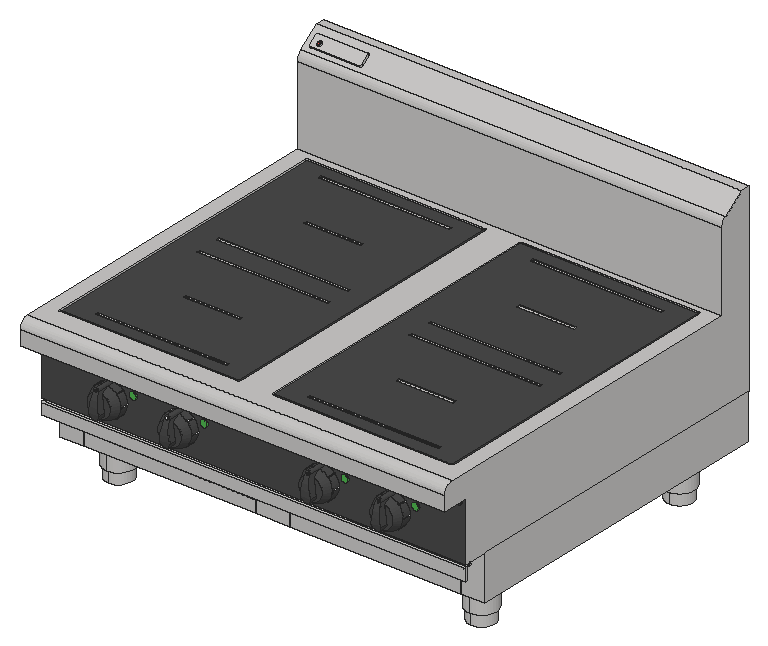
Revit family "QF_Moffat_INB8400R5-B_Induction_Cooktop_cat", category Specialty Equipment, Revit 2019
Family settings
  Round Connector Dimension = Use Diameter
  Part Type = Normal
  Work Plane-Based = No
  Always vertical = Yes
  Cut with Voids When Loaded = No
  Shared = No
  Room Calculation Point = No
Parameters (values of type "INB8400R5-B_415/60/3")
  Weight in Kilograms = 105
  Watts = 20000 W
  Volts = 415 V
  URL Cutsheet = ""
  Specification by User = ""
  Specification by Manufacturer = ""
  Show Logo [instance] = yes
  Serial Number = ""
  Seismic Rating = ""
  SMACNA No = ""
  Revision Code = ""
  Phase = 3
  Number of Poles = 1
  NAFEM Spec ID Number = ""
  Model = "INB8400R5-B"
  Min Ckt Ampacity = 0 A
  Max Overcurrent Protection = 0 A
  Masterspec = ""
  Manufacturer = "Moffat"
  Length = 900 mm
  Item Number = ""
  Installed By = ""
  Identify Quantity as Lot = yes
  Height = 570 mm
  HP = ""
  Furnished By = ""
  Foodservice Equipment Identifier = yes
  FL Amps = 28 A
  Electrical Remarks = ""
  Electric Connection Type = ""
  Elec Conn RI Height = 0 mm
  Elec Conn Connection Height = 0 mm
  Description = "Induction Cooktop"
  Depth = 805 mm
  Cycle = 60 Hz
  Conn Plug = ""
  Conn Conduit = yes
  CSI MasterFormat = ""
  Apparent Power = if(Phase = 3, Volts * FL Amps * 1.73, Volts * FL Amps)  # 20102.6 VA
Reference planes
  plane 1 "BACK": y = 0
  plane 2: z = 0
  plane 3 "LEFT": x = 0
  plane 4 "RIGHT": x = 900
  plane 5 "FRONT": y = -805
  plane 6 "TOP": z = 570
  plane 7 "Center Y": x = 450
  plane 8 "Center X": y = -402.5
  plane 9: x = 65.5
  plane 10: y = -30
  plane 11: x = 770
  plane 12: z = 85
  plane 13: y = -100
  plane 14: y = -625
  plane 15: y = -70
  plane 16: z = 355
  plane 17: z = 75
  plane 18: x = 834.5
Forms (mm)
  Extrusion 1, solid, material "QF_Metal_Stainless_Polished"
    sketch origin (0, 0, 0) x (0, 1, 0) y (0, 0, 1)
      loop
        line (0, 180) -> (0, 570) -> (-18.182, 570) -> (-60.863, 538.99)
        arc (-60.863, 538.99) -> (-67.584, 531.121) -> (-70, 521.058) r 22.165
        line (-70, 521.058) -> (-70, 355) -> (-784.417, 355)
        arc (-784.417, 355) -> (-798.971, 348.971) -> (-805, 334.417) r 20.583
        line (-805, 334.417) -> (-805, 305) -> (-749, 305) -> (-749, 180) -> (0, 180)
    from 0 to 900
  Extrusion 2, void
    sketch origin (0, -784.171, 355) x (0, 1, 0) y (-1, 0, 0)
      loop
        arc (699.341, -37.323) -> (697.584, -33.08) -> (693.341, -31.323) r 6
        line (693.341, -31.323) -> (45.245, -31.323)
        arc (45.245, -31.323) -> (41.002, -33.08) -> (39.245, -37.323) r 6
        line (39.245, -37.323) -> (39.245, -410.105)
        arc (39.245, -410.105) -> (41.002, -414.347) -> (45.245, -416.105) r 6
        line (45.245, -416.105) -> (693.341, -416.105)
        arc (693.341, -416.105) -> (697.584, -414.347) -> (699.341, -410.105) r 6
        line (699.341, -410.105) -> (699.341, -37.323)
      loop
        line (699.341, -862.677) -> (699.341, -489.895)
        arc (699.341, -489.895) -> (697.584, -485.653) -> (693.341, -483.895) r 6
        line (693.341, -483.895) -> (45.245, -483.895)
        arc (45.245, -483.895) -> (41.002, -485.653) -> (39.245, -489.895) r 6
        line (39.245, -489.895) -> (39.245, -862.677)
        arc (39.245, -862.677) -> (41.002, -866.92) -> (45.245, -868.677) r 6
        line (45.245, -868.677) -> (693.341, -868.677)
        arc (693.341, -868.677) -> (697.584, -866.92) -> (699.341, -862.677) r 6
    from 0 to -9.5
  Extrusion 3, solid, material "QF_Plastic_Black_Smooth"
    sketch origin (0, -784.171, 355) x (0, 1, 0) y (-1, 0, 0)
      loop
        line (695.341, -410.105) -> (695.341, -37.323)
        arc (695.341, -37.323) -> (694.755, -35.908) -> (693.341, -35.323) r 2
        line (693.341, -35.323) -> (45.245, -35.323)
        arc (45.245, -35.323) -> (43.831, -35.908) -> (43.245, -37.323) r 2
        line (43.245, -37.323) -> (43.245, -410.105)
        arc (43.245, -410.105) -> (43.831, -411.519) -> (45.245, -412.105) r 2
        line (45.245, -412.105) -> (693.341, -412.105)
        arc (693.341, -412.105) -> (694.755, -411.519) -> (695.341, -410.105) r 2
      loop
        line (667.194, -86.598) -> (661.194, -86.598) -> (661.194, -363.75) -> (667.194, -363.75) -> (667.194, -86.598)
      loop
        line (526.611, -163.924) -> (526.611, -283.924) -> (532.611, -283.924) -> (532.611, -163.924) -> (526.611, -163.924)
      loop
        line (398.444, -86.598) -> (392.444, -86.598) -> (392.444, -363.75) -> (398.444, -363.75) -> (398.444, -86.598)
      loop
        line (345.944, -86.598) -> (339.944, -86.598) -> (339.944, -363.75) -> (345.944, -363.75) -> (345.944, -86.598)
      loop
        line (206.611, -163.924) -> (206.611, -283.924) -> (212.611, -283.924) -> (212.611, -163.924) -> (206.611, -163.924)
      loop
        line (77.194, -86.598) -> (71.194, -86.598) -> (71.194, -363.75) -> (77.194, -363.75) -> (77.194, -86.598)
      loop
        arc (695.341, -489.895) -> (694.755, -488.481) -> (693.341, -487.895) r 2
        line (693.341, -487.895) -> (45.245, -487.895)
        arc (45.245, -487.895) -> (43.831, -488.481) -> (43.245, -489.895) r 2
        line (43.245, -489.895) -> (43.245, -862.677)
        arc (43.245, -862.677) -> (43.831, -864.092) -> (45.245, -864.677) r 2
        line (45.245, -864.677) -> (693.341, -864.677)
        arc (693.341, -864.677) -> (694.755, -864.092) -> (695.341, -862.677) r 2
        line (695.341, -862.677) -> (695.341, -489.895)
      loop
        line (667.194, -813.402) -> (667.194, -536.25) -> (661.194, -536.25) -> (661.194, -813.402) -> (667.194, -813.402)
      loop
        line (526.611, -736.076) -> (532.611, -736.076) -> (532.611, -616.076) -> (526.611, -616.076) -> (526.611, -736.076)
      loop
        line (398.444, -813.402) -> (398.444, -536.25) -> (392.444, -536.25) -> (392.444, -813.402) -> (398.444, -813.402)
      loop
        line (345.944, -813.402) -> (345.944, -536.25) -> (339.944, -536.25) -> (339.944, -813.402) -> (345.944, -813.402)
      loop
        line (206.611, -736.076) -> (212.611, -736.076) -> (212.611, -616.076) -> (206.611, -616.076) -> (206.611, -736.076)
      loop
        line (77.194, -813.402) -> (77.194, -536.25) -> (71.194, -536.25) -> (71.194, -813.402) -> (77.194, -813.402)
    from 0 to -9.5
  Extrusion 4, solid, material "QF_Metal_Stainless_Polished"
    sketch origin (0, 0, 40) x (0, 1, 0) y (0, 0, 1)
      loop
        line (-739.467, 140) -> (-738.192, 134.838)
        arc (-738.192, 134.838) -> (-738.307, 134.302) -> (-738.799, 134.063) r 0.625
        line (-738.799, 134.063) -> (-746.111, 134.063)
        arc (-746.111, 134.063) -> (-748.011, 133.276) -> (-748.797, 131.377) r 2.686
        line (-748.797, 131.377) -> (-748.797, 107.627) -> (-747.197, 107.627) -> (-747.197, 131.242)
        arc (-747.197, 131.242) -> (-746.84, 132.105) -> (-745.976, 132.463) r 1.221
        line (-745.976, 132.463) -> (-738.755, 132.463)
        arc (-738.755, 132.463) -> (-737.028, 133.304) -> (-736.625, 135.182) r 2.194
        line (-736.625, 135.182) -> (-737.815, 140) -> (-739.467, 140)
    from 0 to 900
  Extrusion 5, solid, material "QF_Plastic_Black_Smooth"
    sketch origin (0, -749, 181.875) x (0, 0, 1) y (-1, 0, 0)
      loop
        circle (112.843, -13.157) r 5
      loop
        circle (112.843, -886.843) r 5
    from 0 to 1.6
  Extrusion 6, solid, material "QF_Metal_Stainless_Polished"
    sketch origin (450, -699, 85) x (0, 1, 0) y (1, 0, 0)
      loop
        circle (669, 320) r 6.35
    from 0 to 10
  Extrusion 7, solid, material "QF_Metal_Stainless_Polished"
    sketch origin (0, -699, 85) x (1, 0, 0) y (0, -1, 0)
      loop
        line (0, -699) -> (900, -699) -> (900, 0) -> (849.2, 0) -> (849.2, -25.4) -> (485.8, -25.4) -> (485.8, 0) -> (414.2, 0) -> (414.2, -25.4) -> (50.8, -25.4) -> (50.8, 0) -> (0, 0) -> (0, -699)
    from 0 to -95
  Extrusion 8, solid, material "QF_Metal_Stainless_Polished"
    sketch origin (50.8, -30, 85) x (0, 1, 0) y (0, 0, 1)
      loop
        line (-669, 0) -> (-643.6, 0) -> (-643.6, 26.45) -> (-669, 26.45) -> (-669, 0)
      loop
        line (-669, 32.45) -> (-643.6, 32.45) -> (-643.6, 66.4) -> (-669, 66.4) -> (-669, 32.45)
      loop
        line (-669, 67.4) -> (-643.6, 67.4) -> (-643.6, 95) -> (-669, 95) -> (-669, 67.4)
    from 0 to 363.4
  Revolve 9, solid, material "QF_Metal_Stainless_Polished"
    sketch origin (65.5, -4572, -304.8) x (0, 0, -1) y (0, -1, 0)
      loop
        line (-304.8, -4499.5) -> (-304.8, -4472) -> (-389.8, -4472) -> (-389.8, -4503.75) -> (-329.8, -4503.75) -> (-329.8, -4499.5) -> (-304.8, -4499.5)
      axis (-389.8, -4472) -> (-304.8, -4472)
    angle from 0 to 360
  Revolve 10, solid, material "QF_Metal_Stainless_Polished"
    sketch origin (65.5, -4572, -304.8) x (0, 0, -1) y (0, -1, 0)
      loop
        line (-304.8, -3974.5) -> (-304.8, -3947) -> (-389.8, -3947) -> (-389.8, -3978.75) -> (-329.8, -3978.75) -> (-329.8, -3974.5) -> (-304.8, -3974.5)
      axis (-389.8, -3947) -> (-304.8, -3947)
    angle from 0 to 360
  Revolve 11, solid, material "QF_Metal_Stainless_Polished"
    sketch origin (834.5, -4572, -304.8) x (0, 0, -1) y (0, 1, 0)
      loop
        line (-304.8, 4499.5) -> (-329.8, 4499.5) -> (-329.8, 4503.75) -> (-389.8, 4503.75) -> (-389.8, 4472) -> (-304.8, 4472) -> (-304.8, 4499.5)
      axis (-389.8, 4472) -> (-304.8, 4472)
    angle from 0 to 360
  Revolve 12, solid, material "QF_Metal_Stainless_Polished"
    sketch origin (834.5, -4572, -304.8) x (0, 0, -1) y (0, 1, 0)
      loop
        line (-304.8, 3974.5) -> (-329.8, 3974.5) -> (-329.8, 3978.75) -> (-389.8, 3978.75) -> (-389.8, 3947) -> (-304.8, 3947) -> (-304.8, 3974.5)
      axis (-389.8, 3947) -> (-304.8, 3947)
    angle from 0 to 360
  Extrusion 13, solid, material "QF_Metal_Stainless_Polished"
    sketch origin (900, 0, 0) x (-1, 0, 0) y (0, -1, 0)
      loop
        line (536.25, 122.976) -> (536.25, 116.976) -> (813.402, 116.976) -> (813.402, 122.976) -> (536.25, 122.976)
      loop
        line (736.076, 251.56) -> (736.076, 257.56) -> (616.076, 257.56) -> (616.076, 251.56) -> (736.076, 251.56)
      loop
        line (813.402, 385.726) -> (813.402, 391.726) -> (536.25, 391.726) -> (536.25, 385.726) -> (813.402, 385.726)
      loop
        line (813.402, 438.226) -> (813.402, 444.226) -> (536.25, 444.226) -> (536.25, 438.226) -> (813.402, 438.226)
      loop
        line (736.076, 571.56) -> (736.076, 577.56) -> (616.076, 577.56) -> (616.076, 571.56) -> (736.076, 571.56)
      loop
        line (536.25, 712.976) -> (536.25, 706.976) -> (813.402, 706.976) -> (813.402, 712.976) -> (536.25, 712.976)
      loop
        line (363.75, 122.976) -> (86.598, 122.976) -> (86.598, 116.976) -> (363.75, 116.976) -> (363.75, 122.976)
      loop
        line (163.924, 251.56) -> (283.924, 251.56) -> (283.924, 257.56) -> (163.924, 257.56) -> (163.924, 251.56)
      loop
        line (86.598, 385.726) -> (363.75, 385.726) -> (363.75, 391.726) -> (86.598, 391.726) -> (86.598, 385.726)
      loop
        line (86.598, 438.226) -> (363.75, 438.226) -> (363.75, 444.226) -> (86.598, 444.226) -> (86.598, 438.226)
      loop
        line (163.924, 571.56) -> (283.924, 571.56) -> (283.924, 577.56) -> (163.924, 577.56) -> (163.924, 571.56)
      loop
        line (363.75, 712.976) -> (86.598, 712.976) -> (86.598, 706.976) -> (363.75, 706.976) -> (363.75, 712.976)
    from 355 to 345.5
  Extrusion 14, solid, material "QF_Paint_Green"
    sketch origin (63.231, -748.999, 153.75) x (0, 0, 1) y (-1, 0, 0)
      loop
        circle (100.3, -282.5) r 7.15
    from 0 to 1.6
  Extrusion 15, solid, material "QF_Plastic_Black_Smooth"
    sketch origin (75, -748.999, 165.625) x (0, 0, 1) y (-1, 0, 0)
      loop
        circle (112.843, -225) r 5
    from 0 to 1.6
  Extrusion 16, solid, material "QF_Paint_Green"
    sketch origin (-86.769, -748.999, 153.75) x (0, 0, 1) y (-1, 0, 0)
      loop
        circle (100.3, -282.5) r 7.15
    from 0 to 1.6
  Extrusion 17, solid, material "QF_Plastic_Black_Smooth"
    sketch origin (-75, -748.999, 165.625) x (0, 0, 1) y (-1, 0, 0)
      loop
        circle (112.843, -225) r 5
    from 0 to 1.6
  Extrusion 18, solid, material "QF_Paint_Green"
    sketch origin (511.981, -748.999, 153.75) x (0, 0, 1) y (-1, 0, 0)
      loop
        circle (100.3, -282.5) r 7.15
    from 0 to 1.6
  Extrusion 19, solid, material "QF_Plastic_Black_Smooth"
    sketch origin (523.75, -748.999, 165.625) x (0, 0, 1) y (-1, 0, 0)
      loop
        circle (112.843, -225) r 5
    from 0 to 1.6
  Extrusion 20, solid, material "QF_Paint_Green"
    sketch origin (361.981, -748.999, 153.75) x (0, 0, 1) y (-1, 0, 0)
      loop
        circle (100.3, -282.5) r 7.15
    from 0 to 1.6
  Extrusion 21, solid, material "QF_Plastic_Black_Smooth"
    sketch origin (373.75, -748.999, 165.625) x (0, 0, 1) y (-1, 0, 0)
      loop
        circle (112.843, -225) r 5
    from 0 to 1.6
  Extrusion 22, solid, material "QF_Metal_Stainless_Polished"
    sketch origin (849.2, -30, 85) x (0, 1, 0) y (0, 0, -1)
      loop
        line (-669, 0) -> (-669, -26.45) -> (-643.6, -26.45) -> (-643.6, 0) -> (-669, 0)
      loop
        line (-669, -32.45) -> (-669, -66.4) -> (-643.6, -66.4) -> (-643.6, -32.45) -> (-669, -32.45)
      loop
        line (-669, -67.4) -> (-669, -95) -> (-643.6, -95) -> (-643.6, -67.4) -> (-669, -67.4)
    from 0 to 363.4
Cuts and joins
  Extrusion 2 cuts Extrusion 1
Lines and regions (mm)
  symbolic lines
    curve 1: line (0, 0, 0) -> (900, 0, 0)
    curve 2: line (0, -805, 0) -> (0, 0, 0)
    curve 3: line (900, -805, 0) -> (0, -805, 0)
    curve 4: line (900, 0, 0) -> (900, -805, 0)
    curve 5: line (0, -18.182, 0) -> (900, -18.182, 0)
    curve 6: line (0, -70, 0) -> (900, -70, 0)
    curve 7: line (37.323, -84.83, 0) -> (410.105, -84.83, 0)
    curve 8: arc (410.105, -84.83, 0) -> (414.347, -86.587, 0) -> (416.105, -90.83, 0) r 6
    curve 9: line (416.105, -90.83, 0) -> (416.105, -738.926, 0)
    curve 10: arc (416.105, -738.926, 0) -> (414.347, -743.168, 0) -> (410.105, -744.926, 0) r 6
    curve 11: line (410.105, -744.926, 0) -> (37.323, -744.926, 0)
    curve 12: arc (37.323, -744.926, 0) -> (33.08, -743.168, 0) -> (31.323, -738.926, 0) r 6
    curve 13: line (31.323, -738.926, 0) -> (31.323, -90.83, 0)
    curve 14: arc (31.323, -90.83, 0) -> (33.08, -86.587, 0) -> (37.323, -84.83, 0) r 6
    curve 15: line (410.105, -88.83, 0) -> (37.323, -88.83, 0)
    curve 16: arc (37.323, -88.83, 0) -> (35.908, -89.415, 0) -> (35.323, -90.83, 0) r 2
    curve 17: line (35.323, -90.83, 0) -> (35.323, -738.926, 0)
    curve 18: arc (35.323, -738.926, 0) -> (35.908, -740.34, 0) -> (37.323, -740.926, 0) r 2
    curve 19: line (37.323, -740.926, 0) -> (410.105, -740.926, 0)
    curve 20: arc (410.105, -740.926, 0) -> (411.519, -740.34, 0) -> (412.105, -738.926, 0) r 2
    curve 21: line (412.105, -738.926, 0) -> (412.105, -90.83, 0)
    curve 22: arc (412.105, -90.83, 0) -> (411.519, -89.415, 0) -> (410.105, -88.83, 0) r 2
    curve 23: line (416.105, -738.926, 0) -> (416.105, -90.83, 0)
    curve 24: line (412.105, -90.83, 0) -> (412.105, -738.926, 0)
    curve 25: line (862.677, -84.83, 0) -> (489.895, -84.83, 0)
    curve 26: arc (489.895, -84.83, 0) -> (485.653, -86.587, 0) -> (483.895, -90.83, 0) r 6
    curve 27: arc (483.895, -738.926, 0) -> (485.653, -743.168, 0) -> (489.895, -744.926, 0) r 6
    curve 28: line (489.895, -744.926, 0) -> (862.677, -744.926, 0)
    curve 29: arc (862.677, -744.926, 0) -> (866.92, -743.168, 0) -> (868.677, -738.926, 0) r 6
    curve 30: line (868.677, -738.926, 0) -> (868.677, -90.83, 0)
    curve 31: arc (868.677, -90.83, 0) -> (866.92, -86.587, 0) -> (862.677, -84.83, 0) r 6
    curve 32: line (489.895, -88.83, 0) -> (862.677, -88.83, 0)
    curve 33: arc (862.677, -88.83, 0) -> (864.092, -89.415, 0) -> (864.677, -90.83, 0) r 2
    curve 34: line (864.677, -90.83, 0) -> (864.677, -738.926, 0)
    curve 35: arc (864.677, -738.926, 0) -> (864.092, -740.34, 0) -> (862.677, -740.926, 0) r 2
    curve 36: line (862.677, -740.926, 0) -> (489.895, -740.926, 0)
    curve 37: arc (489.895, -740.926, 0) -> (488.481, -740.34, 0) -> (487.895, -738.926, 0) r 2
    curve 38: arc (487.895, -90.83, 0) -> (488.481, -89.415, 0) -> (489.895, -88.83, 0) r 2
    curve 39: line (487.895, -90.83, 0) -> (487.895, -738.926, 0)
    curve 40: arc (487.895, -738.926, 0) -> (488.481, -740.34, 0) -> (489.895, -740.926, 0) r 2
    curve 41: line (489.895, -740.926, 0) -> (862.677, -740.926, 0)
    curve 42: arc (862.677, -740.926, 0) -> (864.092, -740.34, 0) -> (864.677, -738.926, 0) r 2
    curve 43: line (864.677, -738.926, 0) -> (864.677, -90.83, 0)
    curve 44: arc (864.677, -90.83, 0) -> (864.092, -89.415, 0) -> (862.677, -88.83, 0) r 2
    curve 45: line (862.677, -88.83, 0) -> (489.895, -88.83, 0)
    curve 46: arc (489.895, -88.83, 0) -> (488.481, -89.415, 0) -> (487.895, -90.83, 0) r 2
    curve 47: line (483.895, -90.83, 0) -> (483.895, -738.926, 0)
    curve 48: arc (483.895, -738.926, 0) -> (485.653, -743.168, 0) -> (489.895, -744.926, 0) r 6
    curve 49: line (489.895, -744.926, 0) -> (862.677, -744.926, 0)
    curve 50: arc (862.677, -744.926, 0) -> (866.92, -743.168, 0) -> (868.677, -738.926, 0) r 6
    curve 51: line (868.677, -738.926, 0) -> (868.677, -90.83, 0)
    curve 52: arc (868.677, -90.83, 0) -> (866.92, -86.587, 0) -> (862.677, -84.83, 0) r 6
    curve 53: line (862.677, -84.83, 0) -> (489.895, -84.83, 0)
    curve 54: arc (489.895, -84.83, 0) -> (485.653, -86.587, 0) -> (483.895, -90.83, 0) r 6
    curve 55: line (86.598, -122.976, 0) -> (363.75, -122.976, 0)
    curve 56: line (363.75, -122.976, 0) -> (363.75, -116.976, 0)
    curve 57: line (363.75, -116.976, 0) -> (86.598, -116.976, 0)
    curve 58: line (86.598, -116.976, 0) -> (86.598, -122.976, 0)
    curve 59: line (283.924, -251.56, 0) -> (163.924, -251.56, 0)
    curve 60: line (163.924, -251.56, 0) -> (163.924, -257.56, 0)
    curve 61: line (163.924, -257.56, 0) -> (283.924, -257.56, 0)
    curve 62: line (283.924, -257.56, 0) -> (283.924, -251.56, 0)
    curve 63: line (536.25, -122.976, 0) -> (813.402, -122.976, 0)
    curve 64: line (813.402, -122.976, 0) -> (813.402, -116.976, 0)
    curve 65: line (813.402, -116.976, 0) -> (536.25, -116.976, 0)
    curve 66: line (536.25, -116.976, 0) -> (536.25, -122.976, 0)
    curve 67: line (813.402, -706.976, 0) -> (536.25, -706.976, 0)
    curve 68: line (536.25, -706.976, 0) -> (536.25, -712.976, 0)
    curve 69: line (536.25, -712.976, 0) -> (813.402, -712.976, 0)
    curve 70: line (813.402, -712.976, 0) -> (813.402, -706.976, 0)
    curve 71: line (86.598, -712.976, 0) -> (363.75, -712.976, 0)
    curve 72: line (363.75, -712.976, 0) -> (363.75, -706.976, 0)
    curve 73: line (363.75, -706.976, 0) -> (86.598, -706.976, 0)
    curve 74: line (86.598, -706.976, 0) -> (86.598, -712.976, 0)
    curve 75: line (283.924, -577.56, 0) -> (163.924, -577.56, 0)
    curve 76: line (163.924, -577.56, 0) -> (163.924, -571.56, 0)
    curve 77: line (163.924, -571.56, 0) -> (283.924, -571.56, 0)
    curve 78: line (283.924, -571.56, 0) -> (283.924, -577.56, 0)
    curve 79: line (86.598, -444.226, 0) -> (363.75, -444.226, 0)
    curve 80: line (363.75, -444.226, 0) -> (363.75, -438.226, 0)
    curve 81: line (363.75, -438.226, 0) -> (86.598, -438.226, 0)
    curve 82: line (86.598, -438.226, 0) -> (86.598, -444.226, 0)
    curve 83: line (86.598, -391.726, 0) -> (363.75, -391.726, 0)
    curve 84: line (363.75, -391.726, 0) -> (363.75, -385.726, 0)
    curve 85: line (363.75, -385.726, 0) -> (86.598, -385.726, 0)
    curve 86: line (86.598, -385.726, 0) -> (86.598, -391.726, 0)
    curve 87: line (813.402, -385.726, 0) -> (536.25, -385.726, 0)
    curve 88: line (536.25, -385.726, 0) -> (536.25, -391.726, 0)
    curve 89: line (536.25, -391.726, 0) -> (813.402, -391.726, 0)
    curve 90: line (813.402, -391.726, 0) -> (813.402, -385.726, 0)
    curve 91: line (616.076, -257.56, 0) -> (736.076, -257.56, 0)
    curve 92: line (736.076, -257.56, 0) -> (736.076, -251.56, 0)
    curve 93: line (736.076, -251.56, 0) -> (616.076, -251.56, 0)
    curve 94: line (616.076, -251.56, 0) -> (616.076, -257.56, 0)
    curve 95: line (536.25, -122.976, 0) -> (813.402, -122.976, 0)
    curve 96: line (813.402, -122.976, 0) -> (813.402, -116.976, 0)
    curve 97: line (813.402, -116.976, 0) -> (536.25, -116.976, 0)
    curve 98: line (536.25, -116.976, 0) -> (536.25, -122.976, 0)
    curve 99: line (813.402, -438.226, 0) -> (536.25, -438.226, 0)
    curve 100: line (536.25, -438.226, 0) -> (536.25, -444.226, 0)
    curve 101: line (536.25, -444.226, 0) -> (813.402, -444.226, 0)
    curve 102: line (813.402, -444.226, 0) -> (813.402, -438.226, 0)
    curve 103: line (736.076, -571.56, 0) -> (616.076, -571.56, 0)
    curve 104: line (616.076, -571.56, 0) -> (616.076, -577.56, 0)
    curve 105: line (616.076, -577.56, 0) -> (736.076, -577.56, 0)
    curve 106: line (736.076, -577.56, 0) -> (736.076, -571.56, 0)
    curve 107: line (813.402, -706.976, 0) -> (536.25, -706.976, 0)
    curve 108: line (536.25, -706.976, 0) -> (536.25, -712.976, 0)
    curve 109: line (536.25, -712.976, 0) -> (813.402, -712.976, 0)
    curve 110: line (813.402, -712.976, 0) -> (813.402, -706.976, 0)
Dimensions and locks
  equal spacing: plane 3 "LEFT", plane 7 "Center Y", plane 4 "RIGHT"
  "Length": plane 3 "LEFT" to plane 4 "RIGHT"
  equal spacing: plane 5 "FRONT", plane 8 "Center X", plane 1 "BACK"
  "Depth": plane 5 "FRONT" to plane 1 "BACK"
  "Height": plane 6 "TOP" to level
  plane 4 "RIGHT" to plane 3 "LEFT" = 900 mm
  plane 1 "BACK" to plane 5 "FRONT" = 805 mm
  plane 6 "TOP" to plane 2 = 570 mm
  locked: plane 11 to plane 4 "RIGHT" at 130
  plane 1 "BACK" to plane 10 = 30 mm
  plane 1 "BACK" to plane 13 to plane 14 = 100 mm, 525 mm
  plane 1 "BACK" to plane 15 = 70 mm
  plane 16 to level = 355 mm
  level to plane 12 = 85 mm
  plane 17 to level = 75 mm
  plane 11 to plane 4 "RIGHT" = 130 mm
  plane 18 to plane 9 = 769 mm
  locked: plane 4 "RIGHT" to plane 18 at 65.5
  aligned and locked: level to plane 2
  aligned and locked: plane 18 to Revolve 12
  aligned and locked: plane 18 to Revolve 11
  aligned and locked: Extrusion 7 sketch curve to plane 4 "RIGHT"
  aligned and locked: Extrusion 4 to plane 4 "RIGHT"
  aligned and locked: Extrusion 22 to Extrusion 7  (x2)
Automatic sketch dimensions
  Extrusion 1 sketch curve to plane 5 "FRONT" = 0 mm
  Extrusion 1 sketch curve to plane 16 = 0 mm
  Extrusion 1 sketch curve to plane 15 = 0 mm
  Extrusion 1 sketch curve to plane 6 "TOP" = 0 mm
  Extrusion 1 sketch curve to plane 1 "BACK" = 0 mm
  Extrusion 1 sketch curve to plane 5 "FRONT" = 20.583 mm
  Extrusion 1 sketch curve to plane 5 "FRONT" = 56 mm
  Extrusion 1 sketch curve to plane 15 = 9.137 mm
  plane 10 to Extrusion 1 sketch curve = 17.835 mm
  Extrusion 1 sketch curve to plane 10 = 11.818 mm
  Extrusion 1 sketch curve to Extrusion 1 sketch curve = 29.417 mm
  Extrusion 1 sketch curve to plane 12 = 95 mm
  Extrusion 1 sketch curve to plane 6 "TOP" = 48.942 mm
  Extrusion 4 sketch curve to plane 5 "FRONT" = 56.203 mm
  Extrusion 4 sketch curve to Extrusion 4 sketch curve = 1.6 mm
  Extrusion 4 sketch curve to Extrusion 4 sketch curve = 1.086 mm
  Extrusion 4 sketch curve to Extrusion 4 sketch curve = 0.135 mm  (x2)
  Extrusion 4 sketch curve to Extrusion 4 sketch curve = 6.644 mm
  Extrusion 4 sketch curve to Extrusion 4 sketch curve = 0.668 mm
  Extrusion 4 sketch curve to Extrusion 4 sketch curve = 0.044 mm
  Extrusion 4 sketch curve to Extrusion 4 sketch curve = 0.563 mm
  Extrusion 4 sketch curve to Extrusion 4 sketch curve = 1.652 mm
  Extrusion 4 sketch curve to Extrusion 4 sketch curve = 1.567 mm
  Extrusion 4 sketch curve to plane 12 = 62.627 mm
  Extrusion 4 sketch curve to Extrusion 4 sketch curve = 23.614 mm
  Extrusion 4 sketch curve to Extrusion 4 sketch curve = 0.594 mm
  Extrusion 4 sketch curve to Extrusion 4 sketch curve = 0.032 mm
  Extrusion 4 sketch curve to Extrusion 4 sketch curve = 5.162 mm
  Extrusion 1 to Extrusion 5 sketch curve = 10.282 mm  (x2)
  Extrusion 1 to Extrusion 5 sketch curve = 13.157 mm  (x2)
  plane 12 to Revolve 9 sketch curve = 0 mm
  Revolve 9 sketch curve to level = 0 mm  (x2)
  Revolve 9 sketch curve to plane 13 = 0 mm  (x2)
  plane 15 to Revolve 9 sketch curve = 2.5 mm
  level to Revolve 9 sketch curve = 25 mm
  Revolve 9 sketch curve to plane 15 = 1.75 mm
  Revolve 9 sketch curve to Revolve 9 sketch curve = 25 mm
  plane 12 to Revolve 10 sketch curve = 0 mm
  Revolve 10 sketch curve to level = 0 mm  (x2)
  Revolve 10 sketch curve to plane 14 = 0 mm  (x2)
  level to Revolve 10 sketch curve = 25 mm
  Revolve 10 sketch curve to Revolve 10 sketch curve = 27.5 mm
  Revolve 10 sketch curve to Revolve 10 sketch curve = 31.75 mm
  Revolve 10 sketch curve to Revolve 10 sketch curve = 25 mm
  plane 12 to Revolve 11 sketch curve = 0 mm
  Revolve 11 sketch curve to level = 0 mm  (x2)
  Revolve 11 sketch curve to plane 13 = 0 mm  (x2)
  plane 15 to Revolve 11 sketch curve = 2.5 mm
  Revolve 11 sketch curve to Revolve 11 sketch curve = 25 mm
  Revolve 11 sketch curve to plane 15 = 1.75 mm
  Revolve 11 sketch curve to level = 25 mm
  plane 12 to Revolve 12 sketch curve = 0 mm
  Revolve 12 sketch curve to level = 0 mm  (x2)
  Revolve 12 sketch curve to plane 14 = 0 mm  (x2)
  level to Revolve 12 sketch curve = 25 mm
  Revolve 12 sketch curve to plane 14 = 27.5 mm
  Revolve 12 sketch curve to Revolve 12 sketch curve = 4.25 mm
  Revolve 12 sketch curve to Revolve 12 sketch curve = 25 mm
  Extrusion 16 sketch curve to plane 16 = 100.95 mm
  Extrusion 16 sketch curve to plane 9 = 130.231 mm
  Extrusion 17 sketch curve to plane 16 = 76.532 mm
  Extrusion 17 sketch curve to plane 9 = 84.5 mm
  Extrusion 18 sketch curve to plane 11 = 24.481 mm
  Extrusion 18 sketch curve to plane 16 = 100.95 mm
  Extrusion 19 sketch curve to plane 16 = 76.532 mm
  plane 11 to Extrusion 19 sketch curve = 21.25 mm
  plane 12 to Extrusion 22 sketch curve = 0 mm
  plane 14 to Extrusion 22 sketch curve = 74 mm
  Extrusion 22 sketch curve to Extrusion 22 sketch curve = 0 mm  (x4)
  Extrusion 22 sketch curve to Extrusion 22 sketch curve = 25.4 mm
  Extrusion 22 sketch curve to plane 12 = 26.45 mm
  Extrusion 22 sketch curve to Extrusion 22 sketch curve = 6 mm
  Extrusion 22 sketch curve to Extrusion 22 sketch curve = 33.95 mm
  Extrusion 22 sketch curve to Extrusion 22 sketch curve = 1 mm
  Extrusion 22 sketch curve to Extrusion 22 sketch curve = 27.6 mm
  Extrusion 7 to Extrusion 6 sketch curve = 30 mm
  Extrusion 6 sketch curve to Extrusion 7 = 79.2 mm
  Extrusion 7 sketch curve to plane 3 "LEFT" = 0 mm
  plane 1 "BACK" to Extrusion 7 sketch curve = 0 mm
  plane 9 to Extrusion 7 sketch curve = 14.7 mm
  Extrusion 7 sketch curve to plane 7 "Center Y" = 35.8 mm
  plane 7 "Center Y" to Extrusion 7 sketch curve = 35.8 mm
  plane 18 to Extrusion 7 sketch curve = 14.7 mm
  plane 14 to Extrusion 7 sketch curve = 48.6 mm  (x2)
  Extrusion 7 sketch curve to Extrusion 7 sketch curve = 25.4 mm  (x3)
  Extrusion 8 sketch curve to Extrusion 7 = 0 mm  (x8)
  Extrusion 7 to Extrusion 8 sketch curve = 26.45 mm
  Extrusion 8 sketch curve to Extrusion 8 sketch curve = 6 mm
  Extrusion 7 to Extrusion 8 sketch curve = 28.6 mm
  Extrusion 8 sketch curve to Extrusion 8 sketch curve = 1 mm
  Extrusion 14 sketch curve to plane 7 "Center Y" = 104.269 mm
  Extrusion 14 sketch curve to plane 16 = 100.95 mm
  Extrusion 15 sketch curve to plane 16 = 76.532 mm
  Extrusion 15 sketch curve to plane 7 "Center Y" = 150 mm
  Extrusion 20 sketch curve to plane 16 = 100.95 mm
  plane 7 "Center Y" to Extrusion 20 sketch curve = 194.481 mm
  Extrusion 21 sketch curve to plane 16 = 76.532 mm
  plane 7 "Center Y" to Extrusion 21 sketch curve = 148.75 mm
  Extrusion 2 sketch curve to Extrusion 1 = 39.492 mm  (x2)
  Extrusion 2 sketch curve to Extrusion 2 sketch curve = 6 mm  (x6)
  Extrusion 1 to Extrusion 2 sketch curve = 20.83 mm  (x4)
  Extrusion 1 to Extrusion 2 sketch curve = 31.323 mm
  Extrusion 2 sketch curve to Extrusion 2 sketch curve = 372.782 mm
  Extrusion 2 sketch curve to Extrusion 2 sketch curve = 67.791 mm
  Extrusion 1 to Extrusion 2 sketch curve = 37.323 mm
  Extrusion 3 sketch curve to Extrusion 1 = 43.492 mm  (x2)
  Extrusion 3 sketch curve to Extrusion 3 sketch curve = 2 mm  (x6)
  Extrusion 3 sketch curve to Extrusion 3 sketch curve = 25.949 mm  (x2)
  Extrusion 3 sketch curve to Extrusion 3 sketch curve = 6 mm  (x12)
  Extrusion 3 sketch curve to Extrusion 3 sketch curve = 129.416 mm  (x2)
  Extrusion 3 sketch curve to Extrusion 3 sketch curve = 127.334 mm  (x2)
  Extrusion 3 sketch curve to Extrusion 3 sketch curve = 46.5 mm  (x2)
  Extrusion 3 sketch curve to Extrusion 3 sketch curve = 128.166 mm  (x2)
  Extrusion 1 to Extrusion 3 sketch curve = 52.976 mm  (x2)
  Extrusion 1 to Extrusion 3 sketch curve = 20.83 mm  (x4)
  Extrusion 1 to Extrusion 3 sketch curve = 35.323 mm
  Extrusion 3 sketch curve to Extrusion 3 sketch curve = 49.275 mm  (x2)
  Extrusion 1 to Extrusion 3 sketch curve = 86.598 mm  (x4)
  Extrusion 3 sketch curve to Extrusion 3 sketch curve = 0 mm  (x4)
  Extrusion 3 sketch curve to Extrusion 3 sketch curve = 77.326 mm  (x2)
  Extrusion 3 sketch curve to Extrusion 3 sketch curve = 120 mm  (x4)
  Extrusion 3 sketch curve to Extrusion 3 sketch curve = 79.826 mm  (x5)
  Extrusion 3 sketch curve to Extrusion 3 sketch curve = 46.355 mm  (x3)
  Extrusion 3 sketch curve to Extrusion 3 sketch curve = 75.791 mm
  Extrusion 3 sketch curve to Extrusion 3 sketch curve = 172.5 mm
  Extrusion 1 to Extrusion 3 sketch curve = 37.323 mm
  plane 18 to Extrusion 13 sketch curve = 21.098 mm  (x4)
  Extrusion 13 sketch curve to plane 11 = 33.924 mm  (x2)
  plane 14 to Extrusion 13 sketch curve = 47.44 mm
  Extrusion 13 sketch curve to Extrusion 13 sketch curve = 120 mm  (x2)
  plane 8 "Center X" to Extrusion 13 sketch curve = 41.726 mm  (x2)
  Extrusion 13 sketch curve to plane 7 "Center Y" = 86.25 mm  (x3)
  Extrusion 13 sketch curve to plane 8 "Center X" = 16.774 mm  (x2)
  Extrusion 13 sketch curve to Extrusion 13 sketch curve = 0 mm  (x2)
  Extrusion 13 sketch curve to plane 13 = 22.976 mm
  plane 7 "Center Y" to Extrusion 13 sketch curve = 86.25 mm  (x3)
  Extrusion 13 sketch curve to plane 13 = 16.976 mm
  plane 14 to Extrusion 13 sketch curve = 53.44 mm
  Extrusion 13 sketch curve to Extrusion 13 sketch curve = 79.826 mm  (x2)
  plane 9 to Extrusion 13 sketch curve = 98.424 mm  (x2)
  plane 9 to Extrusion 13 sketch curve = 21.098 mm  (x4)
  Extrusion 13 sketch curve to plane 14 = 81.976 mm  (x2)
  Extrusion 13 sketch curve to Extrusion 13 sketch curve = 6 mm  (x12)
  Extrusion 13 sketch curve to plane 8 "Center X" = 144.94 mm  (x2)
  curve 8 to curve 22 = 0 mm
  curve 10 to curve 20 = 0 mm  (x2)
  curve 12 to curve 18 = 0 mm  (x2)
  curve 14 to curve 16 = 0 mm  (x2)
  curve 27 to curve 37 = 0 mm
  curve 27 to curve 40 = 0 mm
  curve 29 to curve 35 = 0 mm  (x2)
  curve 38 to curve 54 = 0 mm
  curve 44 to curve 52 = 0 mm  (x2)
  plane 1 "BACK" to curve 1 = 0 mm
  curve 1 to plane 3 "LEFT" = 0 mm
  curve 6 to plane 4 "RIGHT" = 0 mm
  plane 5 "FRONT" to curve 3 = 0 mm
  plane 15 to curve 6 = 0 mm
  plane 3 "LEFT" to curve 13 = 31.323 mm
  curve 13 to curve 17 = 4 mm
  curve 16 to curve 16 = 2 mm
  curve 17 to curve 18 = 2 mm
  curve 85 to plane 9 = 21.098 mm
  curve 82 to plane 9 = 21.098 mm
  curve 71 to plane 9 = 21.098 mm
  curve 55 to plane 9 = 21.098 mm
  curve 77 to plane 9 = 98.424 mm
  curve 59 to plane 9 = 98.424 mm
  curve 60 to curve 62 = 120 mm
  curve 77 to plane 14 = 53.44 mm
  curve 76 to curve 77 = 120 mm
  plane 13 to curve 57 = 16.976 mm
  curve 57 to plane 7 "Center Y" = 86.25 mm
  curve 72 to plane 7 "Center Y" = 86.25 mm
  plane 8 "Center X" to curve 85 = 16.774 mm
  curve 85 to plane 7 "Center Y" = 86.25 mm
  curve 79 to curve 83 = 0 mm
  curve 10 to plane 7 "Center Y" = 39.895 mm
  plane 15 to curve 7 = 14.83 mm
  curve 7 to plane 7 "Center Y" = 39.895 mm
  curve 20 to curve 24 = 2 mm
  plane 7 "Center Y" to curve 47 = 33.895 mm
  curve 26 to curve 39 = 4 mm
  curve 46 to curve 45 = 2 mm
  curve 37 to curve 36 = 2 mm
  plane 8 "Center X" to curve 88 = 16.774 mm
  plane 7 "Center Y" to curve 88 = 86.25 mm
  curve 27 to curve 108 = 46.355 mm
  curve 101 to curve 88 = 0 mm
  plane 13 to curve 98 = 22.976 mm
  curve 46 to curve 98 = 46.355 mm
  curve 63 to curve 93 = 79.826 mm
  curve 105 to plane 14 = 47.44 mm
  curve 67 to curve 105 = 79.826 mm
  plane 11 to curve 106 = 33.924 mm
  plane 11 to curve 93 = 33.924 mm
  curve 90 to plane 18 = 21.098 mm
  curve 110 to plane 18 = 21.098 mm
  curve 95 to plane 18 = 21.098 mm
  curve 99 to plane 18 = 21.098 mm
  plane 18 to curve 53 = 28.177 mm
  plane 18 to curve 28 = 28.177 mm
  curve 31 to curve 34 = 2 mm
  curve 11 to plane 5 "FRONT" = 60.074 mm
  curve 49 to plane 5 "FRONT" = 60.074 mm
  curve 29 to curve 109 = 25.949 mm
  curve 18 to curve 74 = 25.949 mm
  curve 71 to curve 73 = 6 mm
  curve 69 to curve 70 = 6 mm
  curve 75 to curve 77 = 6 mm
  curve 105 to curve 106 = 6 mm
  curve 101 to plane 8 "Center X" = 41.726 mm
  curve 82 to plane 8 "Center X" = 41.726 mm
  curve 101 to curve 99 = 6 mm
  curve 79 to curve 82 = 6 mm
  curve 90 to curve 87 = 6 mm
  curve 84 to curve 84 = 6 mm
  plane 8 "Center X" to curve 92 = 144.94 mm
  plane 8 "Center X" to curve 62 = 144.94 mm
  curve 60 to curve 59 = 6 mm
  curve 91 to curve 94 = 6 mm
  curve 56 to curve 56 = 6 mm
  curve 63 to curve 98 = 6 mm
  curve 54 to plane 13 = 9.17 mm
  curve 5 to plane 10 = 11.818 mm
  radius of Extrusion 5 sketch curve = 5 mm  (x2)
  radius of Extrusion 16 sketch curve = 7.15 mm
  radius of Extrusion 17 sketch curve = 5 mm
  radius of Extrusion 18 sketch curve = 7.15 mm
  radius of Extrusion 19 sketch curve = 5 mm
  radius of Extrusion 6 sketch curve = 6.35 mm
  radius of Extrusion 14 sketch curve = 7.15 mm
  radius of Extrusion 15 sketch curve = 5 mm
  radius of Extrusion 20 sketch curve = 7.15 mm
  radius of Extrusion 21 sketch curve = 5 mm
Nested families
  nested 1: "QF_LOGO_Waldorf" at (12, -52.35, 545.175), visible <- "Show Logo", type "QF_LOGO_Waldorf"
  nested 2: "Knob" at (267.5, -739.499, 200.75), type "Knob"
  nested 3: "Knob" at (117.5, -739.499, 200.75), type "Knob"
  nested 4: "Knob" at (716.25, -739.499, 200.75), type "Knob"
  nested 5: "Knob" at (566.25, -739.499, 200.75), type "Knob"
Connectors
  electrical at (770, -30, 75), driven by "Volts", driven by "Watts"
    settings: on Extrusion 6, index 3, voltage 415 V, apparent load 20000 VA, apparent load phase1 0 VA, apparent load phase2 0 VA, apparent load phase3 0 VA, power factor 1, load classification "Other", number of poles 1, system type 30, power factor state 1, is connector primary yes, connector utility no, sub classification motor no, connector description "ELECTRICAL CONNECTION"
Definition of nested family "QF_LOGO_Waldorf"
  Parameters (values of type "QF_LOGO_Waldorf")
    Weight in Pounds = 0
    URL Cutsheet = ""
    Specification by User = ""
    Specification by Manufacturer = ""
    Serial Number = ""
    Seismic Rating = ""
    SMACNA No = ""
    Revision Code = ""
    NAFEM Spec ID Number = ""
    Masterspec = ""
    Length = 138 mm
    Item Number = ""
    Installed By = ""
    Identify Quantity as Lot = yes
    Height = 26.711 mm
    Furnished By = ""
    Foodservice Equipment Identifier = yes
    Depth = 3.175 mm
    CSI MasterFormat = ""
  Reference planes
    plane 1 "BACK": y = 0
    plane 2: z = 0
    plane 3 "LEFT": x = 0
    plane 4 "RIGHT": x = 138
    plane 5 "FRONT": y = -3.175
    plane 6 "TOP": z = 26.711
    plane 7 "Center Y": x = 69
    plane 8 "Center X": y = -1.587
  Forms (mm)
    Extrusion 1, solid
      sketch origin (0, 0, 0) x (1, 0, 0) y (0, 0.809017, 0.587785)
        loop
          line (109, 3.464) -> (109, 23.247)
          spline (109, 23.247) -> (108.966, 23.699) -> (108.864, 24.143) -> (108.696, 24.572) -> (108.464, 24.979) -> (108.173, 25.355) -> (107.828, 25.696) -> (107.435, 25.995) -> (107, 26.247) -> (106.531, 26.447) -> (106.035, 26.593) -> (105.522, 26.681) -> (105, 26.711)
          line (105, 26.711) -> (4, 26.711)
          spline (4, 26.711) -> (3.478, 26.681) -> (2.965, 26.593) -> (2.469, 26.447) -> (2, 26.247) -> (1.565, 25.995) -> (1.172, 25.696) -> (0.827, 25.355) -> (0.536, 24.979) -> (0.304, 24.572) -> (0.136, 24.143) -> (0.034, 23.699) -> (0, 23.247)
          line (0, 23.247) -> (0, 3.464)
          spline (0, 3.464) -> (0.034, 3.012) -> (0.136, 2.568) -> (0.304, 2.138) -> (0.536, 1.732) -> (0.827, 1.355) -> (1.172, 1.015) -> (1.565, 0.716) -> (2, 0.464) -> (2.469, 0.264) -> (2.965, 0.118) -> (3.478, 0.03) -> (4, 0)
          line (4, 0) -> (105, 0)
          spline (105, 0) -> (105.522, 0.03) -> (106.035, 0.118) -> (106.531, 0.264) -> (107, 0.464) -> (107.435, 0.716) -> (107.828, 1.015) -> (108.173, 1.355) -> (108.464, 1.732) -> (108.696, 2.138) -> (108.864, 2.568) -> (108.966, 3.012) -> (109, 3.464)
        loop
          line (14.75, 7.005) -> (14.75, 15.654)
          arc (14.75, 15.654) -> (10.425, 11.329) -> (14.75, 7.005) r 4.325
        loop
          line (15.25, 15.654) -> (15.25, 7.005)
          arc (15.25, 7.005) -> (19.575, 11.329) -> (15.25, 15.654) r 4.325
      from 0 to 3.2
    Extrusion 2, solid
      sketch origin (0, 0, 0) x (1, 0, 0) y (0, 0.809017, 0.587785)
        loop
          line (15.25, 15.654) -> (15.25, 7.005)
          arc (15.25, 7.005) -> (19.575, 11.329) -> (15.25, 15.654) r 4.325
      from 0 to 3.2
    Extrusion 3, solid
      sketch origin (16.271, 0, 0) x (-1, 0, 0) y (0, -0.809017, -0.587785)
        loop
          arc (1.521, -15.654) -> (5.846, -11.329) -> (1.521, -7.005) r 4.325
          line (1.521, -7.005) -> (1.521, -15.654)
      from 0 to 3.2
  Lines and regions (mm)
    Split face 1
      outline origin (0, -1.881, 2.589) x (1, 0, 0) y (0, 0.809017, 0.587785)
        loop
          spline (22.129, 16.975) -> (22.389, 15.984) -> (22.649, 15.002) -> (22.91, 14.028) -> (23.172, 13.065) -> (23.433, 12.11) -> (23.695, 11.166) -> (23.956, 10.232) -> (24.218, 9.308) -> (24.479, 8.396) -> (24.74, 7.495) -> (25, 6.605) -> (25.26, 5.728)
          line (25.26, 5.728) -> (29.463, 5.728)
          spline (29.463, 5.728) -> (29.582, 6.252) -> (29.701, 6.78) -> (29.82, 7.313) -> (29.939, 7.85) -> (30.058, 8.391) -> (30.178, 8.936) -> (30.297, 9.485) -> (30.416, 10.038) -> (30.536, 10.594) -> (30.655, 11.155) -> (30.775, 11.719) -> (30.894, 12.287)
          spline (30.894, 12.287) -> (31.018, 11.719) -> (31.142, 11.155) -> (31.266, 10.594) -> (31.39, 10.038) -> (31.514, 9.485) -> (31.638, 8.936) -> (31.762, 8.391) -> (31.885, 7.85) -> (32.009, 7.313) -> (32.133, 6.78) -> (32.256, 6.252) -> (32.379, 5.728)
          line (32.379, 5.728) -> (36.51, 5.728)
          spline (36.51, 5.728) -> (36.766, 6.605) -> (37.023, 7.495) -> (37.28, 8.396) -> (37.538, 9.308) -> (37.795, 10.232) -> (38.053, 11.166) -> (38.311, 12.11) -> (38.569, 13.065) -> (38.826, 14.028) -> (39.083, 15.002) -> (39.34, 15.984) -> (39.597, 16.975)
          line (39.597, 16.975) -> (35.637, 16.975)
          spline (35.637, 16.975) -> (35.523, 16.334) -> (35.41, 15.697) -> (35.296, 15.063) -> (35.182, 14.433) -> (35.068, 13.807) -> (34.954, 13.185) -> (34.84, 12.566) -> (34.726, 11.952) -> (34.612, 11.342) -> (34.497, 10.737) -> (34.383, 10.135) -> (34.269, 9.538)
          spline (34.269, 9.538) -> (34.138, 10.135) -> (34.008, 10.737) -> (33.877, 11.342) -> (33.746, 11.952) -> (33.616, 12.566) -> (33.485, 13.185) -> (33.354, 13.807) -> (33.224, 14.433) -> (33.093, 15.063) -> (32.963, 15.697) -> (32.833, 16.334) -> (32.703, 16.975)
          line (32.703, 16.975) -> (29.247, 16.975)
          spline (29.247, 16.975) -> (29.111, 16.334) -> (28.974, 15.697) -> (28.837, 15.063) -> (28.7, 14.433) -> (28.562, 13.807) -> (28.425, 13.185) -> (28.288, 12.566) -> (28.15, 11.952) -> (28.013, 11.342) -> (27.875, 10.737) -> (27.738, 10.135) -> (27.6, 9.538)
          spline (27.6, 9.538) -> (27.483, 10.135) -> (27.366, 10.737) -> (27.249, 11.342) -> (27.132, 11.952) -> (27.015, 12.566) -> (26.897, 13.185) -> (26.78, 13.807) -> (26.663, 14.433) -> (26.546, 15.063) -> (26.43, 15.697) -> (26.313, 16.334) -> (26.196, 16.975)
          line (26.196, 16.975) -> (22.129, 16.975)
    Split face 2
      outline origin (0, -1.881, 2.589) x (1, 0, 0) y (0, 0.809017, 0.587785)
        loop
          line (51.449, 5.728) -> (51.035, 6.606) -> (51.035, 11.169)
          spline (51.035, 11.169) -> (50.686, 12.42) -> (50.176, 13.224) -> (49.51, 13.708) -> (48.693, 13.995) -> (47.747, 14.152) -> (46.698, 14.207) -> (45.579, 14.186) -> (44.419, 14.114) -> (43.279, 13.929) -> (42.249, 13.481) -> (41.424, 12.614) -> (40.897, 11.169)
          line (40.897, 11.169) -> (44.617, 11.169) -> (44.988, 11.965)
          spline (44.988, 11.965) -> (47.294, 11.682) -> (46.856, 10.932) -> (45.527, 10.609) -> (43.858, 10.439) -> (42.259, 10.123) -> (41.078, 9.417) -> (40.563, 8.246) -> (40.689, 6.989) -> (41.407, 6.052) -> (42.774, 5.536) -> (44.847, 5.497) -> (47.306, 6.602)
          line (47.306, 6.602) -> (47.624, 5.728) -> (51.449, 5.728)
    Split face 3
      outline origin (0, -1.881, 2.589) x (1, 0, 0) y (0, 0.809017, 0.587785)
        loop
          line (47.264, 9.264) -> (44.938, 8.597)
          spline (44.938, 8.597) -> (44.508, 8.228) -> (44.402, 7.9) -> (44.548, 7.626) -> (44.877, 7.42) -> (45.317, 7.295) -> (45.797, 7.265) -> (46.252, 7.342) -> (46.65, 7.525) -> (46.971, 7.813) -> (47.194, 8.201) -> (47.298, 8.685) -> (47.264, 9.264)
    Split face 4
      outline origin (0, -1.881, 2.589) x (1, 0, 0) y (0, 0.809017, 0.587785)
        loop
          line (53.33, 16.975) -> (53.33, 5.728) -> (57.173, 5.728) -> (57.173, 16.975) -> (53.33, 16.975)
    Split face 5
      outline origin (0, -1.881, 2.589) x (1, 0, 0) y (0, 0.809017, 0.587785)
        loop
          line (65.795, 16.975) -> (65.795, 12.976)
          spline (65.795, 12.976) -> (63.839, 14.082) -> (62.087, 14.096) -> (60.633, 13.343) -> (59.574, 12.148) -> (58.99, 10.806) -> (58.867, 9.452) -> (59.156, 8.159) -> (59.81, 7) -> (60.786, 6.056) -> (62.111, 5.514) -> (63.868, 5.634) -> (66.137, 6.679)
          line (66.137, 6.679) -> (66.137, 5.728) -> (69.511, 5.728) -> (69.511, 16.975) -> (65.795, 16.975)
    Split face 6
      outline origin (0, -1.881, 2.589) x (1, 0, 0) y (0, 0.809017, 0.587785)
        loop
          spline (64.273, 7.499) -> (64.754, 7.57) -> (65.202, 7.777) -> (65.587, 8.106) -> (65.882, 8.535) -> (66.067, 9.034) -> (66.131, 9.57) -> (66.067, 10.106) -> (65.882, 10.605) -> (65.587, 11.034) -> (65.202, 11.363) -> (64.754, 11.57) -> (64.273, 11.64)
          spline (64.273, 11.64) -> (63.793, 11.57) -> (63.345, 11.363) -> (62.96, 11.034) -> (62.665, 10.605) -> (62.479, 10.106) -> (62.416, 9.57) -> (62.479, 9.034) -> (62.665, 8.535) -> (62.96, 8.106) -> (63.345, 7.777) -> (63.793, 7.57) -> (64.273, 7.499)
    Split face 7
      outline origin (0, -1.881, 2.589) x (1, 0, 0) y (0, 0.809017, 0.587785)
        loop
          spline (76.449, 5.305) -> (77.855, 5.457) -> (79.166, 5.901) -> (80.291, 6.607) -> (81.155, 7.527) -> (81.698, 8.599) -> (81.883, 9.749) -> (81.698, 10.899) -> (81.155, 11.97) -> (80.291, 12.891) -> (79.166, 13.597) -> (77.855, 14.041) -> (76.449, 14.192)
          spline (76.449, 14.192) -> (75.042, 14.041) -> (73.731, 13.597) -> (72.606, 12.891) -> (71.742, 11.97) -> (71.199, 10.899) -> (71.014, 9.749) -> (71.199, 8.599) -> (71.742, 7.527) -> (72.606, 6.607) -> (73.731, 5.901) -> (75.042, 5.457) -> (76.449, 5.305)
    Split face 8
      outline origin (0, -1.881, 2.589) x (1, 0, 0) y (0, 0.809017, 0.587785)
        loop
          spline (76.449, 7.654) -> (76.841, 7.725) -> (77.206, 7.934) -> (77.52, 8.267) -> (77.76, 8.701) -> (77.912, 9.206) -> (77.963, 9.749) -> (77.912, 10.291) -> (77.76, 10.796) -> (77.52, 11.23) -> (77.206, 11.563) -> (76.841, 11.772) -> (76.449, 11.843)
          spline (76.449, 11.843) -> (76.057, 11.772) -> (75.691, 11.563) -> (75.378, 11.23) -> (75.137, 10.796) -> (74.986, 10.291) -> (74.934, 9.749) -> (74.986, 9.206) -> (75.137, 8.701) -> (75.378, 8.267) -> (75.691, 7.934) -> (76.057, 7.725) -> (76.449, 7.654)
    Split face 9
      outline origin (0, -1.881, 2.589) x (1, 0, 0) y (0, 0.809017, 0.587785)
        loop
          line (86.998, 12.335) -> (86.998, 13.879) -> (83.479, 13.879) -> (83.479, 5.728) -> (87.312, 5.728) -> (87.312, 8.975)
          spline (87.312, 8.975) -> (87.364, 9.356) -> (87.458, 9.686) -> (87.594, 9.968) -> (87.769, 10.204) -> (87.982, 10.398) -> (88.229, 10.55) -> (88.509, 10.666) -> (88.82, 10.746) -> (89.16, 10.794) -> (89.525, 10.812) -> (89.915, 10.803) -> (90.327, 10.77)
          line (90.327, 10.77) -> (90.327, 14.113)
          spline (90.327, 14.113) -> (89.929, 14.127) -> (89.552, 14.111) -> (89.197, 14.066) -> (88.865, 13.991) -> (88.554, 13.887) -> (88.266, 13.754) -> (87.999, 13.591) -> (87.755, 13.399) -> (87.532, 13.177) -> (87.332, 12.926) -> (87.154, 12.645) -> (86.998, 12.335)
    Split face 10
      outline origin (0, -1.881, 2.589) x (1, 0, 0) y (0, 0.809017, 0.587785)
        loop
          line (92.082, 13.879) -> (90.894, 13.879) -> (90.894, 11.972) -> (92.082, 11.972) -> (92.082, 5.728) -> (95.871, 5.728) -> (95.871, 11.972) -> (97.5, 11.972) -> (97.5, 13.879) -> (95.871, 13.879)
          spline (95.871, 13.879) -> (95.843, 14.088) -> (95.845, 14.278) -> (95.877, 14.447) -> (95.939, 14.596) -> (96.03, 14.726) -> (96.151, 14.835) -> (96.301, 14.925) -> (96.482, 14.995) -> (96.692, 15.045) -> (96.931, 15.075) -> (97.201, 15.085) -> (97.5, 15.076)
          line (97.5, 15.076) -> (97.5, 17.266) -> (95.367, 17.266)
          spline (95.367, 17.266) -> (94.982, 17.253) -> (94.58, 17.21) -> (94.174, 17.132) -> (93.774, 17.013) -> (93.39, 16.846) -> (93.034, 16.627) -> (92.717, 16.349) -> (92.448, 16.007) -> (92.24, 15.595) -> (92.102, 15.106) -> (92.046, 14.537) -> (92.082, 13.879)
  Dimensions and locks
    equal spacing: plane 3 "LEFT", plane 7 "Center Y", plane 4 "RIGHT"
    "Length": plane 3 "LEFT" to plane 4 "RIGHT"
    equal spacing: plane 5 "FRONT", plane 8 "Center X", plane 1 "BACK"
    "Depth": plane 5 "FRONT" to plane 1 "BACK"
    "Height": plane 6 "TOP" to level
    plane 4 "RIGHT" to plane 3 "LEFT" = 138 mm
    aligned and locked: level to plane 2
  Automatic sketch dimensions
    Extrusion 1 sketch curve to plane 3 "LEFT" = 0 mm
    plane 3 "LEFT" to Extrusion 1 sketch curve = 4 mm  (x2)
    Extrusion 1 sketch curve to Extrusion 1 sketch curve = 10.75 mm
    Extrusion 1 sketch curve to Extrusion 1 sketch curve = 0.5 mm
    plane 4 "RIGHT" to Extrusion 1 sketch curve = 33 mm
    Extrusion 1 sketch curve to Extrusion 1 sketch curve = 0 mm  (x3)
    Extrusion 1 sketch curve to Extrusion 1 sketch curve = 4 mm
    Extrusion 1 sketch curve to Extrusion 1 sketch curve = 3.464 mm  (x3)
    Extrusion 1 sketch curve to Extrusion 1 sketch curve = 3.541 mm
    Extrusion 1 sketch curve to Extrusion 1 sketch curve = 4.325 mm
    Extrusion 1 sketch curve to Extrusion 1 sketch curve = 19.783 mm
    Extrusion 1 sketch curve to Extrusion 1 sketch curve = 7.592 mm
    plane 3 "LEFT" to Extrusion 2 sketch curve = 15.25 mm
    Extrusion 2 sketch curve to Extrusion 2 sketch curve = 4.325 mm
    plane 3 "LEFT" to Extrusion 3 sketch curve = 14.75 mm
    Extrusion 3 sketch curve to Extrusion 3 sketch curve = 4.325 mm
    Extrusion 1 to Split face 1 sketch curve = 6.879 mm
    Split face 1 sketch curve to Extrusion 1 = 5.728 mm
    Split face 1 sketch curve to Split face 1 sketch curve = 3.132 mm
    Split face 1 sketch curve to Split face 1 sketch curve = 4.068 mm
    Split face 1 sketch curve to Split face 1 sketch curve = 3.051 mm
    Split face 1 sketch curve to Split face 1 sketch curve = 4.203 mm
    Split face 1 sketch curve to Split face 1 sketch curve = 2.916 mm
    Split face 1 sketch curve to Split face 1 sketch curve = 3.456 mm
    Split face 1 sketch curve to Split face 1 sketch curve = 2.934 mm
    Split face 1 sketch curve to Split face 1 sketch curve = 4.131 mm
    Split face 1 sketch curve to Split face 1 sketch curve = 3.96 mm
    Split face 1 sketch curve to Split face 1 sketch curve = 0 mm  (x2)
    Split face 1 sketch curve to Extrusion 1 = 9.736 mm  (x2)
    Extrusion 1 to Split face 1 sketch curve = 6.337 mm
    Extrusion 1 to Split face 1 sketch curve = 6.231 mm
    Extrusion 1 to Split face 1 sketch curve = 3.184 mm
    Extrusion 1 to Split face 1 sketch curve = 13.135 mm
    Split face 1 sketch curve to Split face 1 sketch curve = 4.652 mm
    Split face 1 sketch curve to Split face 1 sketch curve = 3.593 mm
    Split face 1 sketch curve to Split face 1 sketch curve = 1.863 mm
    Split face 1 sketch curve to Split face 1 sketch curve = 0.713 mm
    Split face 1 sketch curve to Split face 1 sketch curve = 2.684 mm
    Split face 1 sketch curve to Split face 1 sketch curve = 3.294 mm
    Split face 1 sketch curve to Split face 1 sketch curve = 0.459 mm
    Split face 1 sketch curve to Split face 1 sketch curve = 2.775 mm
    Split face 1 sketch curve to Split face 1 sketch curve = 1.89 mm
    Split face 1 sketch curve to Split face 1 sketch curve = 0.685 mm
    Split face 1 sketch curve to Split face 1 sketch curve = 9.486 mm
    Split face 1 sketch curve to Split face 1 sketch curve = 16.213 mm
    Split face 1 sketch curve to Split face 1 sketch curve = 3.48 mm
    Split face 1 sketch curve to Split face 1 sketch curve = 4.918 mm
    Split face 1 sketch curve to Split face 1 sketch curve = 7.609 mm
    Split face 1 sketch curve to Split face 1 sketch curve = 0.01 mm  (x2)
    Split face 1 sketch curve to Split face 1 sketch curve = 0.002 mm
    Split face 2 sketch curve to Extrusion 1 = 11.169 mm
    Extrusion 1 to Split face 2 sketch curve = 25.647 mm
    Split face 2 sketch curve to Split face 2 sketch curve = 3.72 mm
    Split face 2 sketch curve to Extrusion 1 = 11.965 mm
    Split face 2 sketch curve to Split face 2 sketch curve = 0.371 mm
    Split face 2 sketch curve to Extrusion 1 = 6.602 mm
    Split face 2 sketch curve to Split face 2 sketch curve = 2.689 mm
    Split face 2 sketch curve to Split face 2 sketch curve = 0.318 mm
    Split face 2 sketch curve to Split face 2 sketch curve = 3.729 mm
    Split face 2 sketch curve to Split face 2 sketch curve = 0.414 mm
    Split face 2 sketch curve to Split face 2 sketch curve = 0.875 mm
    Split face 2 sketch curve to Split face 2 sketch curve = 0.878 mm
    Split face 3 sketch curve to Extrusion 1 = 8.597 mm
    Extrusion 1 to Split face 3 sketch curve = 29.688 mm
    Split face 3 sketch curve to Extrusion 1 = 9.264 mm
    Split face 3 sketch curve to Split face 3 sketch curve = 2.326 mm
    Split face 4 sketch curve to Extrusion 1 = 5.728 mm
    Extrusion 1 to Split face 4 sketch curve = 38.08 mm
    Split face 4 sketch curve to Split face 4 sketch curve = 3.843 mm
    Split face 4 sketch curve to Extrusion 1 = 9.736 mm
    Split face 5 sketch curve to Extrusion 1 = 9.736 mm
    Split face 5 sketch curve to Extrusion 1 = 43.205 mm
    Split face 5 sketch curve to Extrusion 1 = 6.679 mm
    Split face 5 sketch curve to Split face 5 sketch curve = 0.342 mm
    Split face 5 sketch curve to Split face 5 sketch curve = 3.375 mm
    Split face 5 sketch curve to Split face 5 sketch curve = 0.952 mm
    Split face 5 sketch curve to Split face 5 sketch curve = 3.998 mm
    Split face 6 sketch curve to Extrusion 1 = 7.499 mm
    Split face 6 sketch curve to Extrusion 1 = 44.727 mm
    Split face 6 sketch curve to Split face 6 sketch curve = 2.07 mm
    Split face 7 sketch curve to Extrusion 1 = 5.305 mm
    Split face 7 sketch curve to Extrusion 1 = 32.551 mm
    Split face 7 sketch curve to Split face 7 sketch curve = 4.443 mm
    Split face 8 sketch curve to Extrusion 1 = 7.654 mm
    Split face 8 sketch curve to Extrusion 1 = 32.551 mm
    Split face 8 sketch curve to Split face 8 sketch curve = 2.095 mm
    Split face 9 sketch curve to Extrusion 1 = 5.728 mm
    Split face 9 sketch curve to Extrusion 1 = 25.521 mm
    Split face 9 sketch curve to Split face 9 sketch curve = 3.519 mm
    Split face 9 sketch curve to Split face 9 sketch curve = 0.315 mm
    Split face 9 sketch curve to Split face 9 sketch curve = 3.33 mm
    Split face 9 sketch curve to Split face 9 sketch curve = 3.248 mm
    Split face 9 sketch curve to Split face 9 sketch curve = 1.795 mm
    Split face 9 sketch curve to Split face 9 sketch curve = 3.36 mm
    Split face 9 sketch curve to Split face 9 sketch curve = 1.545 mm
    Split face 9 sketch curve to Split face 9 sketch curve = 0.233 mm
    Split face 10 sketch curve to Extrusion 1 = 18.106 mm
    Split face 10 sketch curve to Split face 10 sketch curve = 1.188 mm  (x2)
    Split face 10 sketch curve to Split face 10 sketch curve = 3.285 mm
    Split face 10 sketch curve to Split face 10 sketch curve = 3.789 mm
    Split face 10 sketch curve to Split face 10 sketch curve = 0 mm  (x2)
    Split face 10 sketch curve to Split face 10 sketch curve = 1.629 mm
    Split face 10 sketch curve to Split face 10 sketch curve = 2.133 mm
    Split face 10 sketch curve to Extrusion 1 = 5.728 mm
    Split face 10 sketch curve to Split face 10 sketch curve = 6.245 mm
    Split face 10 sketch curve to Split face 10 sketch curve = 1.907 mm  (x2)
    Split face 10 sketch curve to Split face 10 sketch curve = 1.197 mm
    Split face 10 sketch curve to Split face 10 sketch curve = 2.19 mm
Definition of nested family "Knob"
  Parameters (values of type "Knob")
    Weight in Pounds = 0
    URL Cutsheet = ""
    Specification by User = ""
    Specification by Manufacturer = ""
    Serial Number = ""
    Seismic Rating = ""
    SMACNA No = ""
    Revision Code = ""
    NAFEM Spec ID Number = ""
    Masterspec = ""
    Length = 65 mm
    Item Number = ""
    Installed By = ""
    Identify Quantity as Lot = yes
    Height = 69.5 mm
    Furnished By = ""
    Foodservice Equipment Identifier = yes
    Depth = 59 mm
    CSI MasterFormat = ""
  Reference planes
    plane 1 "BACK": y = 0
    plane 2: z = 0
    plane 3 "LEFT": x = 0
    plane 4 "RIGHT": x = 65
    plane 5 "FRONT": y = -59
    plane 6 "TOP": z = 69.5
    plane 7 "Center Y": x = 32.5
    plane 8 "Center X": y = -29.5
  Forms (mm)
    Revolve 1, solid
      sketch origin (32.5, 175.397, 1219.2) x (0, 1, 0) y (0, 0, 1)
        loop
          line (-175.397, -1186.7) -> (-219.397, -1186.7) -> (-219.397, -1211.501) -> (-202.106, -1219.2) -> (-185.397, -1219.2) -> (-185.397, -1191.7) -> (-175.397, -1191.7) -> (-175.397, -1186.7)
        axis (-219.397, -1186.7) -> (-175.397, -1186.7)
      angle from 0 to 360
    Extrusion 2, solid
      sketch origin (32.5, 175.397, 1219.2) x (0, 1, 0) y (0, 0, 1)
        loop
          line (-202.106, -1154.2) -> (-185.397, -1154.2) -> (-185.397, -1149.7) -> (-224.105, -1149.7)
          arc (-224.105, -1149.7) -> (-233.965, -1178.467) -> (-230.696, -1208.7) r 70
